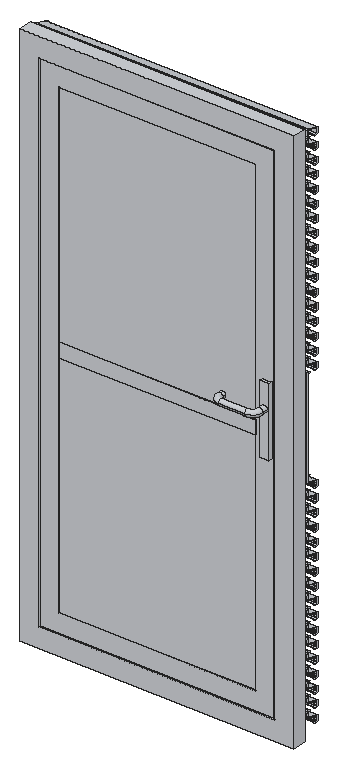
Revit family "NLRS_31_DO_WB_HJ44 enkele deur-AV_jazo_jazo", category Doors, host Wall, Revit 2020 (continued)
Definition of nested family "NLRS_31_GM_UN_HJ44 schoep-AV"
  Automatic sketch dimensions
    Extrusion 1 sketch curve to Extrusion 1 sketch curve = 0.005 mm
    Extrusion 1 sketch curve to plane 4 "Top" = 0.034 mm
    Extrusion 1 sketch curve to Extrusion 1 sketch curve = 1.171 mm
    Extrusion 1 sketch curve to Extrusion 1 sketch curve = 0.902 mm  (x2)
    Extrusion 1 sketch curve to Extrusion 1 sketch curve = 1.8 mm  (x3)
    Extrusion 1 sketch curve to Extrusion 1 sketch curve = 3.2 mm  (x2)
    Extrusion 1 sketch curve to Extrusion 1 sketch curve = 9.31 mm
    Extrusion 1 sketch curve to Extrusion 1 sketch curve = 5.649 mm
    Extrusion 1 sketch curve to Extrusion 1 sketch curve = 1.865 mm
    Extrusion 1 sketch curve to Extrusion 1 sketch curve = 0.553 mm
    Extrusion 1 sketch curve to Extrusion 1 sketch curve = 0.79 mm
    Extrusion 1 sketch curve to Extrusion 1 sketch curve = 19.431 mm
    Extrusion 1 sketch curve to Extrusion 1 sketch curve = 0.614 mm  (x2)
    Extrusion 1 sketch curve to Extrusion 1 sketch curve = 7.719 mm
    Extrusion 1 sketch curve to Extrusion 1 sketch curve = 0.9 mm
    Extrusion 1 sketch curve to Extrusion 1 sketch curve = 0.869 mm
Definition of nested family "NLRS_31_GM_UN_HJ44 scharnier schoep-AV"
  Parameters (values of type "HJ44 scharnier schoep")
    URL = "www.jazo.com"
    NLRS_C_zichtbaar_01 = yes
    NLRS_C_stelruimte_01 = 4 mm  # constant formula
    NLRS_C_materiaal = none
    NLRS_C_breedte_01 = 40 mm  # constant formula
    NLRS_C_breedte [instance] = 1000 mm
    Model = ""
    Manufacturer = "JAZO Zevenaar bv"
    Description = "HJ44 scharnier schoep"
    Default Elevation = 0 mm
    Assembly Code = "23.30.60.11.17.11"
  Reference planes
    plane 1 "Center (Front/Back)": y = 0
    plane 2 "Bottom": z = 0
    plane 3 "Center (Left/Right)": x = 0
    plane 4 "Top": z = 56.635
    plane 5 "Left": x = -500
    plane 6 "Right": x = 500
    plane 7 "schoep l": x = -496
    plane 8 "schoep r": x = 496
    plane 9 "scharnier": x = -456
    plane 10 "achterkant schoep": y = -25
    plane 11 "voorkant schoep": y = 25
    plane 12 "voorkant kozijn": y = -36
  Forms (mm)
    Extrusion 1, solid, material <- "NLRS_C_materiaal", visible <- "NLRS_C_zichtbaar_01"
      sketch origin (0, -15, -5.781) x (0, -1, 0) y (0, 0, -1)
        loop
          arc (-30.663, -7.55) -> (-30.027, -6.448) -> (-31.129, -5.812) r 0.9
          line (-31.129, -5.812) -> (-39.259, -7.99)
          arc (-39.259, -7.99) -> (-39.793, -8.347) -> (-40, -8.956) r 1
          line (-40, -8.956) -> (-40, -27.421)
          arc (-40, -27.421) -> (-39.793, -28.03) -> (-39.259, -28.387) r 1
          line (-39.259, -28.387) -> (3.2, -39.764) -> (3.2, -59.722)
          arc (3.2, -59.722) -> (3.004, -60.119) -> (2.571, -60.205) r 0.5
          line (2.571, -60.205) -> (-2.671, -58.801)
          arc (-2.671, -58.801) -> (-3.773, -59.437) -> (-3.137, -60.54) r 0.9
          line (-3.137, -60.54) -> (3.741, -62.382)
          arc (3.741, -62.382) -> (4.609, -62.21) -> (5, -61.417) r 1
          line (5, -61.417) -> (5, -50.413) -> (10, -50.413) -> (10, -45.413) -> (8.2, -45.413) -> (8.2, -48.613) -> (5, -48.613) -> (5, -37.109)
          arc (5, -37.109) -> (4.098, -36.413) -> (3.195, -37.109) r 0.933
          line (3.195, -37.109) -> (3.195, -37.899) -> (-38.2, -26.807) -> (-38.2, -19.089) -> (-36.2, -19.089)
          arc (-36.2, -19.089) -> (-35.3, -18.189) -> (-36.2, -17.289) r 0.9
          line (-36.2, -17.289) -> (-38.2, -17.289) -> (-38.2, -9.57) -> (-30.663, -7.55)
      from -456 to 496
  Dimensions and locks
    equal spacing: plane 5 "Left", plane 3 "Center (Left/Right)", plane 6 "Right"
    "NLRS_C_breedte": plane 5 "Left" to plane 6 "Right"
    "NLRS_C_breedte_01": plane 7 "schoep l" to plane 9 "scharnier"
    "NLRS_C_stelruimte_01": plane 8 "schoep r" to plane 6 "Right"
    "NLRS_C_stelruimte_01": plane 5 "Left" to plane 7 "schoep l"
    locked: plane 10 "achterkant schoep" to plane 12 "voorkant kozijn" at 11
    aligned and locked: level to plane 2 "Bottom"
    aligned and locked: plane 8 "schoep r" to Extrusion 1
    aligned and locked: Extrusion 1 to plane 9 "scharnier"
  Automatic sketch dimensions
    Extrusion 1 sketch curve to plane 1 "Center (Front/Back)" = 25 mm
    Extrusion 1 sketch curve to Extrusion 1 sketch curve = 0.741 mm  (x2)
    level to Extrusion 1 sketch curve = 2.209 mm
    Extrusion 1 sketch curve to Extrusion 1 sketch curve = 1 mm
    Extrusion 1 sketch curve to Extrusion 1 sketch curve = 0.259 mm  (x2)
    Extrusion 1 sketch curve to Extrusion 1 sketch curve = 0.8 mm  (x2)
    Extrusion 1 sketch curve to Extrusion 1 sketch curve = 2 mm
    Extrusion 1 sketch curve to Extrusion 1 sketch curve = 7.071 mm
    Extrusion 1 sketch curve to Extrusion 1 sketch curve = 0.233 mm  (x4)
    level to Extrusion 1 sketch curve = 1.769 mm
    Extrusion 1 sketch curve to plane 4 "Top" = 1.877 mm
    plane 1 "Center (Front/Back)" to Extrusion 1 sketch curve = 11.863 mm
    Extrusion 1 sketch curve to plane 4 "Top" = 3.615 mm
    Extrusion 1 sketch curve to plane 4 "Top" = 2.211 mm
    Extrusion 1 sketch curve to Extrusion 1 sketch curve = 5.241 mm
    Extrusion 1 sketch curve to Extrusion 1 sketch curve = 0.129 mm
    plane 1 "Center (Front/Back)" to Extrusion 1 sketch curve = 18.195 mm
    Extrusion 1 sketch curve to Extrusion 1 sketch curve = 0.005 mm
    Extrusion 1 sketch curve to plane 4 "Top" = 0.034 mm
    Extrusion 1 sketch curve to Extrusion 1 sketch curve = 1.171 mm
    Extrusion 1 sketch curve to Extrusion 1 sketch curve = 0.902 mm  (x2)
    Extrusion 1 sketch curve to Extrusion 1 sketch curve = 1.8 mm  (x3)
    Extrusion 1 sketch curve to Extrusion 1 sketch curve = 3.2 mm  (x2)
    Extrusion 1 sketch curve to Extrusion 1 sketch curve = 9.31 mm
    Extrusion 1 sketch curve to Extrusion 1 sketch curve = 5.649 mm
    Extrusion 1 sketch curve to Extrusion 1 sketch curve = 1.865 mm
    Extrusion 1 sketch curve to Extrusion 1 sketch curve = 0.553 mm
    Extrusion 1 sketch curve to Extrusion 1 sketch curve = 0.79 mm
    Extrusion 1 sketch curve to Extrusion 1 sketch curve = 19.431 mm
    Extrusion 1 sketch curve to Extrusion 1 sketch curve = 0.614 mm  (x2)
    Extrusion 1 sketch curve to Extrusion 1 sketch curve = 7.719 mm
    Extrusion 1 sketch curve to Extrusion 1 sketch curve = 0.9 mm
    Extrusion 1 sketch curve to Extrusion 1 sketch curve = 0.869 mm
Definition of nested family "NLRS_31_GM_UN_HJ44 beslag schoep-AV"
  Parameters (values of type "HJ44 beslag schoep")
    URL = "www.jazo.com"
    NLRS_C_zichtbaar_01 = yes
    NLRS_C_stelruimte_01 = 4 mm  # constant formula
    NLRS_C_materiaal = none
    NLRS_C_breedte_01 = 275 mm  # constant formula
    NLRS_C_breedte [instance] = 1000 mm
    Model = ""
    Manufacturer = "JAZO Zevenaar bv"
    Description = "HJ44 beslag schoep"
    Default Elevation = 0 mm
    Assembly Code = "23.30.60.11.17.11"
  Reference planes
    plane 1 "Center (Front/Back)": y = 0
    plane 2 "Bottom": z = 0
    plane 3 "Center (Left/Right)": x = 0
    plane 4 "Top": z = 56.635
    plane 5 "Left": x = -500
    plane 6 "Right": x = 500
    plane 7 "schoep l": x = -496
    plane 8 "schoep r": x = 496
    plane 9 "beslag": x = 221
    plane 10 "achterkant schoep": y = -25
    plane 11 "voorkant schoep": y = 25
    plane 12 "voorkant kozijn": y = -36
  Forms (mm)
    Extrusion 1, solid, material <- "NLRS_C_materiaal", visible <- "NLRS_C_zichtbaar_01"
      sketch origin (0, -15, -5.781) x (0, -1, 0) y (0, 0, -1)
        loop
          arc (-30.663, -7.55) -> (-30.027, -6.448) -> (-31.129, -5.812) r 0.9
          line (-31.129, -5.812) -> (-39.259, -7.99)
          arc (-39.259, -7.99) -> (-39.793, -8.347) -> (-40, -8.956) r 1
          line (-40, -8.956) -> (-40, -27.421)
          arc (-40, -27.421) -> (-39.793, -28.03) -> (-39.259, -28.387) r 1
          line (-39.259, -28.387) -> (3.2, -39.764) -> (3.2, -59.722)
          arc (3.2, -59.722) -> (3.004, -60.119) -> (2.571, -60.205) r 0.5
          line (2.571, -60.205) -> (-2.671, -58.801)
          arc (-2.671, -58.801) -> (-3.773, -59.437) -> (-3.137, -60.54) r 0.9
          line (-3.137, -60.54) -> (3.741, -62.382)
          arc (3.741, -62.382) -> (4.609, -62.21) -> (5, -61.417) r 1
          line (5, -61.417) -> (5, -50.413) -> (10, -50.413) -> (10, -45.413) -> (8.2, -45.413) -> (8.2, -48.613) -> (5, -48.613) -> (5, -37.109)
          arc (5, -37.109) -> (4.098, -36.413) -> (3.195, -37.109) r 0.933
          line (3.195, -37.109) -> (3.195, -37.899) -> (-38.2, -26.807) -> (-38.2, -19.089) -> (-36.2, -19.089)
          arc (-36.2, -19.089) -> (-35.3, -18.189) -> (-36.2, -17.289) r 0.9
          line (-36.2, -17.289) -> (-38.2, -17.289) -> (-38.2, -9.57) -> (-30.663, -7.55)
      from -496 to 221
  Dimensions and locks
    equal spacing: plane 5 "Left", plane 3 "Center (Left/Right)", plane 6 "Right"
    "NLRS_C_breedte": plane 5 "Left" to plane 6 "Right"
    "NLRS_C_breedte_01": plane 9 "beslag" to plane 8 "schoep r"
    "NLRS_C_stelruimte_01": plane 8 "schoep r" to plane 6 "Right"
    "NLRS_C_stelruimte_01": plane 5 "Left" to plane 7 "schoep l"
    locked: plane 10 "achterkant schoep" to plane 12 "voorkant kozijn" at 11
    aligned and locked: level to plane 2 "Bottom"
    aligned and locked: Extrusion 1 to plane 7 "schoep l"
    aligned and locked: plane 9 "beslag" to Extrusion 1
  Automatic sketch dimensions
    Extrusion 1 sketch curve to plane 1 "Center (Front/Back)" = 25 mm
    Extrusion 1 sketch curve to Extrusion 1 sketch curve = 0.741 mm  (x2)
    level to Extrusion 1 sketch curve = 2.209 mm
    Extrusion 1 sketch curve to Extrusion 1 sketch curve = 1 mm
    Extrusion 1 sketch curve to Extrusion 1 sketch curve = 0.259 mm  (x2)
    Extrusion 1 sketch curve to Extrusion 1 sketch curve = 0.8 mm  (x2)
    Extrusion 1 sketch curve to Extrusion 1 sketch curve = 2 mm
    Extrusion 1 sketch curve to Extrusion 1 sketch curve = 7.071 mm
    Extrusion 1 sketch curve to Extrusion 1 sketch curve = 0.233 mm  (x4)
    level to Extrusion 1 sketch curve = 1.769 mm
    Extrusion 1 sketch curve to plane 4 "Top" = 1.877 mm
    plane 1 "Center (Front/Back)" to Extrusion 1 sketch curve = 11.863 mm
    Extrusion 1 sketch curve to plane 4 "Top" = 3.615 mm
    Extrusion 1 sketch curve to plane 4 "Top" = 2.211 mm
    Extrusion 1 sketch curve to Extrusion 1 sketch curve = 5.241 mm
    Extrusion 1 sketch curve to Extrusion 1 sketch curve = 0.129 mm
    plane 1 "Center (Front/Back)" to Extrusion 1 sketch curve = 18.195 mm
    Extrusion 1 sketch curve to Extrusion 1 sketch curve = 0.005 mm
    Extrusion 1 sketch curve to plane 4 "Top" = 0.034 mm
    Extrusion 1 sketch curve to Extrusion 1 sketch curve = 1.171 mm
    Extrusion 1 sketch curve to Extrusion 1 sketch curve = 0.902 mm  (x2)
    Extrusion 1 sketch curve to Extrusion 1 sketch curve = 1.8 mm  (x3)
    Extrusion 1 sketch curve to Extrusion 1 sketch curve = 3.2 mm  (x2)
    Extrusion 1 sketch curve to Extrusion 1 sketch curve = 9.31 mm
    Extrusion 1 sketch curve to Extrusion 1 sketch curve = 5.649 mm
    Extrusion 1 sketch curve to Extrusion 1 sketch curve = 1.865 mm
    Extrusion 1 sketch curve to Extrusion 1 sketch curve = 0.553 mm
    Extrusion 1 sketch curve to Extrusion 1 sketch curve = 0.79 mm
    Extrusion 1 sketch curve to Extrusion 1 sketch curve = 19.431 mm
    Extrusion 1 sketch curve to Extrusion 1 sketch curve = 0.614 mm  (x2)
    Extrusion 1 sketch curve to Extrusion 1 sketch curve = 7.719 mm
    Extrusion 1 sketch curve to Extrusion 1 sketch curve = 0.9 mm
    Extrusion 1 sketch curve to Extrusion 1 sketch curve = 0.869 mm
Definition of nested family "NLRS_31_GM_UN_beslagbak HJ44-AV"
  Parameters (values of type "beslagbak HJ44")
    URL = "www.jazo.com"
    NLRS_C_diepte_01 = 50 mm
    NLRS_C_afstand = if(JAZO_C_enkele deur, 95 mm, if(JAZO_C_dubbele deur, 48 mm, 48 mm))  # 95 mm
    Model = ""
    Manufacturer = "JAZO Zevenaar bv"
    JAZO_C_opbouwrooster HJ44 = yes
    JAZO_C_materiaal schoep = none
    JAZO_C_materiaal beslag = none
    JAZO_C_enkele deur = yes
    JAZO_C_dubbele deur = no
    Description = "beslagbak HJ44"
    Default Elevation = 0 mm
    Assembly Code = "23.30.40.31"
  Reference planes
    plane 1 "Center (Front/Back)": y = 0
    plane 2 "Bottom": z = 0
    plane 3 "Center (Left/Right)": x = 0
    plane 4 "Tussen": x = -179.999
    plane 5 "Right": x = 95
    plane 6 "Left": x = -240
    plane 7 "center hs27r": z = 220
    plane 8 "center hs42r": z = 280
    plane 9 "center hs50r": z = 310
    plane 10 "knop-kruk": x = 0
    plane 11 "stelruimte belsagbak": x = 99
    plane 12 "voorkant kozijn": y = -11
  Dimensions and locks
    plane 4 "Tussen" to plane 3 "Center (Left/Right)" = 179.999 mm
    plane 3 "Center (Left/Right)" to plane 5 "Right" = 95 mm
    plane 4 "Tussen" to plane 5 "Right" = 274.999 mm
    plane 6 "Left" to plane 4 "Tussen" = 60.001 mm
    "NLRS_C_afstand": plane 5 "Right" to plane 10 "knop-kruk"
    locked: plane 5 "Right" to plane 11 "stelruimte belsagbak" at 4
    locked: plane 12 "voorkant kozijn" to plane 1 "Center (Front/Back)" at 11
    aligned and locked: level to plane 2 "Bottom"
    aligned and locked: plane 8 "center hs42r" to nested 1
    aligned and locked: plane 10 "knop-kruk" to nested 1
    aligned and locked: plane 1 "Center (Front/Back)" to nested 2
    aligned and locked: plane 5 "Right" to nested 2
  Nested families
    nested 1: "NLRS_31_GM_UN_beslag opbouwrooster-AV" at (0, -11, 117), visible <- "JAZO_C_opbouwrooster HJ44", type "beslag opbouwrooster"
    nested 2: "NLRS_31_GM_UN_beslagbak los HJ44-AV" at (0, 0, 0), type "beslagbak HJ44"
  Definition of nested family "NLRS_31_GM_UN_beslag opbouwrooster-AV"
    Parameters (values of type "beslag opbouwrooster")
      URL = "www.jazo.com"
      NLRS_C_materiaal = none
      NLRS_C_diepte_01 = 50 mm
      Model = ""
      Manufacturer = "Jazo Zevenaar bv"
      Description = "Beslag opbouwrooster"
      Default Elevation = 0 mm
      Assembly Code = "23.30.40.31"
    Reference planes
      plane 1 "Center (Front/Back)": y = 0
      plane 2 "Bottom": z = 0
      plane 3 "Center (Left/Right)": x = 0
      plane 4 "kruk": z = 163
      plane 5 "cilinder": z = 71.5
      plane 6 "achterkant kozijn": y = -50
      plane 7 "start beslag": y = 15
    Forms (mm)
      Extrusion 1, solid, material <- "NLRS_C_materiaal"
        sketch origin (0, 37, 0) x (1, 0, 0) y (0, 1, 0)
          loop
            line (-16, -10) -> (-16, -22) -> (16, -22) -> (16, -10) -> (-16, -10)
        from 0 to 251
      Extrusion 2, solid, material <- "NLRS_C_materiaal"
        sketch origin (0, 0, 0) x (1, 0, 0) y (0, 0, -1)
          loop
            circle (0, -163) r 11
        from 27 to 57
      Extrusion 3, solid, material <- "NLRS_C_materiaal"
        sketch origin (0, 0, 0) x (1, 0, 0) y (0, 0, -1)
          loop
            circle (0, -163) r 25
        from 57 to 73
      Sweep 4, solid, material <- "NLRS_C_materiaal"
        path origin (0, -4, 0) x (1, 0, 0) y (0, 1, 0)
          loop
            line (0, -58) -> (0, -80)
            arc (0, -80) -> (-7.249, -97.5) -> (-24.749, -104.749) r 24.749
            line (-24.749, -104.749) -> (-120.749, -104.749)
            arc (-120.749, -104.749) -> (-138.249, -97.5) -> (-145.497, -80) r 24.749
            line (-145.497, -80) -> (-145.497, -69)
        profile origin (0, -73, 0) x (1, 0, 0) y (0, 0, 1)
          loop
            circle (0, 163) r 11
      Extrusion 5, solid, material <- "NLRS_C_materiaal"
        sketch origin (0, -37, 0) x (1, 0, 0) y (0, 1, 0)
          loop
            line (-16, -25) -> (16, -25) -> (16, -13) -> (-16, -13) -> (-16, -25)
        from 0 to 251
    Dimensions and locks
      locked: plane 4 "kruk" to plane 2 "Bottom" at 163
      locked: plane 5 "cilinder" to plane 2 "Bottom" at 71.5
      locked: plane 7 "start beslag" to Extrusion 2 at 12
      locked: plane 7 "start beslag" to Extrusion 3 at 42
      locked: Extrusion 3 to plane 7 "start beslag" at 58
      locked: plane 1 "Center (Front/Back)" to plane 7 "start beslag" at 15
      "NLRS_C_diepte_01": plane 6 "achterkant kozijn" to plane 1 "Center (Front/Back)"
      aligned and locked: level to plane 2 "Bottom"
      aligned and locked: Extrusion 1 to plane 7 "start beslag"
      aligned and locked: Extrusion 2 to Extrusion 3
      aligned and locked: Extrusion 2 to Extrusion 1
    Automatic sketch dimensions
      Extrusion 1 sketch curve to plane 7 "start beslag" = 0 mm
      Extrusion 1 sketch curve to plane 3 "Center (Left/Right)" = 16 mm
      plane 3 "Center (Left/Right)" to Extrusion 1 sketch curve = 16 mm
      plane 7 "start beslag" to Extrusion 1 sketch curve = 12 mm
      Extrusion 2 sketch curve to plane 3 "Center (Left/Right)" = 0 mm
      Extrusion 2 sketch curve to plane 4 "kruk" = 0 mm
      Extrusion 3 sketch curve to plane 3 "Center (Left/Right)" = 0 mm
      Extrusion 3 sketch curve to plane 4 "kruk" = 0 mm
      Sweep 4 sketch curve to plane 3 "Center (Left/Right)" = 0 mm
      Sweep 4 sketch curve to plane 3 "Center (Left/Right)" = 24.749 mm
      Sweep 4 sketch curve to plane 6 "achterkant kozijn" = 58.749 mm
      Sweep 4 sketch curve to Sweep 4 sketch curve = 96 mm
      Sweep 4 sketch curve to Sweep 4 sketch curve = 24.749 mm
      Sweep 4 sketch curve to Sweep 4 sketch curve = 11 mm
      Sweep 4 sketch curve to plane 6 "achterkant kozijn" = 12 mm
      profile plane to Sweep 4 sketch curve = 0 mm
      profile plane to Sweep 4 sketch curve = 163 mm
      Extrusion 5 sketch curve to plane 6 "achterkant kozijn" = 0 mm
      Extrusion 5 sketch curve to plane 3 "Center (Left/Right)" = 16 mm
      plane 3 "Center (Left/Right)" to Extrusion 5 sketch curve = 16 mm
      Extrusion 5 sketch curve to Extrusion 5 sketch curve = 12 mm
      radius of Extrusion 2 sketch curve = 11 mm
      radius of Extrusion 3 sketch curve = 25 mm
      radius of Sweep 4 sketch curve = 11 mm
  Definition of nested family "NLRS_31_GM_UN_beslagbak los HJ44-AV"
    Parameters (values of type "beslagbak HJ44")
      URL = "www.jazo.com"
      NLRS_C_materiaal = none
      Model = ""
      Manufacturer = "JAZO Zevenaar bv"
      Description = "Beslagbak HJ44"
      Default Elevation = 0 mm
      Assembly Code = "23.30.4031"
    Reference planes
      plane 1 "Center (Front/Back)": y = 0
      plane 2 "Bottom": z = 0
      plane 3 "Center (Left/Right)": x = 0
      plane 4 "Tussen": x = -180
      plane 5 "Right": x = 95
      plane 6 "Left": x = -240
      plane 7 "mid": x = -212
    Forms (mm)
      Extrusion 1, solid, material <- "NLRS_C_materiaal"
        sketch origin (0, 0, 67.049) x (0, 1, 0) y (0, 0, 1)
          loop
            line (1.8, 332.52) -> (1.8, -27.789) -> (48.2, -40.222) -> (48.2, -47.941) -> (46.2, -47.941)
            arc (46.2, -47.941) -> (45.3, -48.841) -> (46.2, -49.741) r 0.9
            line (46.2, -49.741) -> (48.2, -49.741) -> (48.2, -57.46) -> (40.663, -59.479)
            arc (40.663, -59.479) -> (40.027, -60.582) -> (41.129, -61.218) r 0.9
            line (41.129, -61.218) -> (49.259, -59.04)
            arc (49.259, -59.04) -> (49.793, -58.683) -> (50, -58.074) r 1
            line (50, -58.074) -> (50, -39.608)
            arc (50, -39.608) -> (49.793, -39) -> (49.259, -38.643) r 1
            line (49.259, -38.643) -> (4, -26.515) -> (4, 330.067) -> (12.671, 327.743)
            arc (12.671, 327.743) -> (13.773, 328.38) -> (13.137, 329.482) r 0.9
            line (13.137, 329.482) -> (1.8, 332.52)
        from 95 to -180
      Extrusion 2, solid, material <- "NLRS_C_materiaal"
        sketch origin (0, 1.8, 0) x (1, 0, 0) y (0, 1, 0)
          loop
            line (-240, 0) -> (-240, -9)
            arc (-240, -9) -> (-239.414, -10.414) -> (-238, -11) r 2
            line (-238, -11) -> (-212, -11)
            arc (-212, -11) -> (-210.586, -10.414) -> (-210, -9) r 2
            line (-210, -9) -> (-210, -2.014)
            arc (-210, -2.014) -> (-209.41, -0.59) -> (-207.986, 0) r 2.014
            line (-207.986, 0) -> (-180, 0) -> (-180, 2.2) -> (-207.786, 2.2)
            arc (-207.786, 2.2) -> (-210.766, 0.966) -> (-212, -2.014) r 4.214
            line (-212, -2.014) -> (-212, -9) -> (-238, -9) -> (-238, 0) -> (-240, 0)
        from 397.116 to 39.26
      Extrusion 3, void
        sketch origin (0, 0, 0) x (0, 1, 0) y (0, 0, 1)
          loop
            line (-0.5, 386.932) -> (-0.5, 380.932) -> (1.8, 380.932) -> (1.8, 384.132) -> (5, 384.132) -> (5, 386.932) -> (-0.5, 386.932)
        from -180 to -240.5
      Extrusion 4, void
        sketch origin (0, 0, -48) x (0, 1, 0) y (0, 0, 1)
          loop
            line (-0.5, 386.932) -> (-0.5, 380.932) -> (1.8, 380.932) -> (1.8, 384.132) -> (5, 384.132) -> (5, 386.932) -> (-0.5, 386.932)
        from -180 to -240.5
      Extrusion 5, void
        sketch origin (0, 0, -96) x (0, 1, 0) y (0, 0, 1)
          loop
            line (-0.5, 386.932) -> (-0.5, 380.932) -> (1.8, 380.932) -> (1.8, 384.132) -> (5, 384.132) -> (5, 386.932) -> (-0.5, 386.932)
        from -180 to -240.5
      Extrusion 6, void
        sketch origin (0, 0, -144) x (0, 1, 0) y (0, 0, 1)
          loop
            line (-0.5, 386.932) -> (-0.5, 380.932) -> (1.8, 380.932) -> (1.8, 384.132) -> (5, 384.132) -> (5, 386.932) -> (-0.5, 386.932)
        from -180 to -240.5
      Extrusion 7, void
        sketch origin (0, 0, -192) x (0, 1, 0) y (0, 0, 1)
          loop
            line (-0.5, 386.932) -> (-0.5, 380.932) -> (1.8, 380.932) -> (1.8, 384.132) -> (5, 384.132) -> (5, 386.932) -> (-0.5, 386.932)
        from -180 to -240.5
      Extrusion 8, void
        sketch origin (0, 0, -240) x (0, 1, 0) y (0, 0, 1)
          loop
            line (-0.5, 386.932) -> (-0.5, 380.932) -> (1.8, 380.932) -> (1.8, 384.132) -> (5, 384.132) -> (5, 386.932) -> (-0.5, 386.932)
        from -180 to -240.5
      Extrusion 9, void
        sketch origin (0, 0, -288) x (0, 1, 0) y (0, 0, 1)
          loop
            line (-0.5, 386.932) -> (-0.5, 380.932) -> (1.8, 380.932) -> (1.8, 384.132) -> (5, 384.132) -> (5, 386.932) -> (-0.5, 386.932)
        from -180 to -240.5
      Extrusion 10, void
        sketch origin (0, 0, -336) x (0, 1, 0) y (0, 0, 1)
          loop
            line (-0.5, 386.932) -> (-0.5, 380.932) -> (1.8, 380.932) -> (1.8, 384.132) -> (5, 384.132) -> (5, 386.932) -> (-0.5, 386.932)
        from -180 to -240.5
      Extrusion 11, solid, material <- "NLRS_C_materiaal"
        sketch origin (-333, 0, 67.049) x (0, 1, 0) y (0, 0, 1)
          loop
            line (1.8, 317.083) -> (1.8, 269.083) -> (1.8, 221.083) -> (1.8, 173.083) -> (1.8, 125.083) -> (1.8, 77.083) -> (1.8, 29.083) -> (1.8, -16.117) -> (1.8, -27.789) -> (4.5, -28.513) -> (4.5, -16.117) -> (4.5, -5.613)
            arc (4.5, -5.613) -> (5.087, -4.423) -> (6.388, -4.164) r 1.5
            line (6.388, -4.164) -> (39.711, -13.093)
            arc (39.711, -13.093) -> (39.593, -11.837) -> (40.534, -10.996) r 1.4
            line (40.534, -10.996) -> (47.7, -9.076) -> (47.7, -2.241) -> (46.2, -2.241)
            arc (46.2, -2.241) -> (44.8, -0.841) -> (46.2, 0.559) r 1.4
            line (46.2, 0.559) -> (47.7, 0.559) -> (47.7, 7.394) -> (7.332, 18.211)
            arc (7.332, 18.211) -> (5.998, 16.887) -> (4.5, 18.022) r 1.433
            line (4.5, 18.022) -> (4.5, 31.883) -> (4.5, 42.387)
            arc (4.5, 42.387) -> (5.087, 43.577) -> (6.388, 43.836) r 1.5
            line (6.388, 43.836) -> (39.711, 34.907)
            arc (39.711, 34.907) -> (39.593, 36.163) -> (40.534, 37.004) r 1.4
            line (40.534, 37.004) -> (47.7, 38.924) -> (47.7, 45.759) -> (46.2, 45.759)
            arc (46.2, 45.759) -> (44.8, 47.159) -> (46.2, 48.559) r 1.4
            line (46.2, 48.559) -> (47.7, 48.559) -> (47.7, 55.394) -> (7.332, 66.211)
            arc (7.332, 66.211) -> (5.998, 64.887) -> (4.5, 66.022) r 1.433
            line (4.5, 66.022) -> (4.5, 79.883) -> (4.5, 90.387)
            arc (4.5, 90.387) -> (5.087, 91.577) -> (6.388, 91.836) r 1.5
            line (6.388, 91.836) -> (39.711, 82.907)
            arc (39.711, 82.907) -> (39.593, 84.163) -> (40.534, 85.004) r 1.4
            line (40.534, 85.004) -> (47.7, 86.924) -> (47.7, 93.759) -> (46.2, 93.759)
            arc (46.2, 93.759) -> (44.8, 95.159) -> (46.2, 96.559) r 1.4
            line (46.2, 96.559) -> (47.7, 96.559) -> (47.7, 103.394) -> (7.332, 114.211)
            arc (7.332, 114.211) -> (5.998, 112.887) -> (4.5, 114.022) r 1.433
            line (4.5, 114.022) -> (4.5, 127.883) -> (4.5, 138.387)
            arc (4.5, 138.387) -> (5.087, 139.577) -> (6.388, 139.836) r 1.5
            line (6.388, 139.836) -> (39.711, 130.907)
            arc (39.711, 130.907) -> (39.593, 132.163) -> (40.534, 133.004) r 1.4
            line (40.534, 133.004) -> (47.7, 134.924) -> (47.7, 141.759) -> (46.2, 141.759)
            arc (46.2, 141.759) -> (44.8, 143.159) -> (46.2, 144.559) r 1.4
            line (46.2, 144.559) -> (47.7, 144.559) -> (47.7, 151.394) -> (7.332, 162.211)
            arc (7.332, 162.211) -> (5.998, 160.887) -> (4.5, 162.022) r 1.433
            line (4.5, 162.022) -> (4.5, 173.083) -> (4.5, 186.387)
            arc (4.5, 186.387) -> (5.087, 187.577) -> (6.388, 187.836) r 1.5
            line (6.388, 187.836) -> (39.711, 178.907)
            arc (39.711, 178.907) -> (39.593, 180.163) -> (40.534, 181.004) r 1.4
            line (40.534, 181.004) -> (47.7, 182.924) -> (47.7, 189.759) -> (46.2, 189.759)
            arc (46.2, 189.759) -> (44.8, 191.159) -> (46.2, 192.559) r 1.4
            line (46.2, 192.559) -> (47.7, 192.559) -> (47.7, 199.394) -> (7.332, 210.211)
            arc (7.332, 210.211) -> (5.998, 208.887) -> (4.5, 210.022) r 1.433
            line (4.5, 210.022) -> (4.5, 223.883) -> (4.5, 234.387)
            arc (4.5, 234.387) -> (5.087, 235.577) -> (6.388, 235.836) r 1.5
            line (6.388, 235.836) -> (39.711, 226.907)
            arc (39.711, 226.907) -> (39.593, 228.163) -> (40.534, 229.004) r 1.4
            line (40.534, 229.004) -> (47.7, 230.924) -> (47.7, 237.759) -> (46.2, 237.759)
            arc (46.2, 237.759) -> (44.8, 239.159) -> (46.2, 240.559) r 1.4
            line (46.2, 240.559) -> (47.7, 240.559) -> (47.7, 247.394) -> (7.332, 258.211)
            arc (7.332, 258.211) -> (5.998, 256.887) -> (4.5, 258.022) r 1.433
            line (4.5, 258.022) -> (4.5, 282.387)
            arc (4.5, 282.387) -> (5.087, 283.577) -> (6.388, 283.836) r 1.5
            line (6.388, 283.836) -> (39.711, 274.907)
            arc (39.711, 274.907) -> (39.593, 276.163) -> (40.534, 277.004) r 1.4
            line (40.534, 277.004) -> (47.7, 278.924) -> (47.7, 285.759) -> (46.2, 285.759)
            arc (46.2, 285.759) -> (44.8, 287.159) -> (46.2, 288.559) r 1.4
            line (46.2, 288.559) -> (47.7, 288.559) -> (47.7, 295.394) -> (7.332, 306.211)
            arc (7.332, 306.211) -> (5.998, 304.887) -> (4.5, 306.022) r 1.433
            line (4.5, 306.022) -> (4.5, 317.083) -> (1.8, 317.083)
        from 95 to 93
    Cuts and joins
      Extrusion 3, Extrusion 4, Extrusion 5, Extrusion 6, Extrusion 7, Extrusion 8, Extrusion 9, Extrusion 10 cuts Extrusion 1
      Extrusion 3, Extrusion 4, Extrusion 5, Extrusion 6, Extrusion 7, Extrusion 8, Extrusion 9, Extrusion 10 cuts Extrusion 2
      Extrusion 3 cuts Extrusion 11
      joined: Extrusion 1, Extrusion 2, Extrusion 11
    Dimensions and locks
      plane 4 "Tussen" to plane 3 "Center (Left/Right)" = 180 mm
      plane 3 "Center (Left/Right)" to plane 5 "Right" = 95 mm
      plane 4 "Tussen" to plane 5 "Right" = 275 mm
      plane 6 "Left" to plane 4 "Tussen" = 60 mm
      locked: plane 7 "mid" to plane 4 "Tussen" at 32
      equal spacing: group 1, group 2, group 3, group 4, group 5, group 6, group 7, group 8  (x2)
      equal spacing: group 8, group 7, group 6, group 5, group 4, group 3, group 2, group 1
      aligned and locked: level to plane 2 "Bottom"
      aligned and locked: Extrusion 1 to plane 5 "Right"
      aligned and locked: Extrusion 1 to plane 4 "Tussen"
    Automatic sketch dimensions
      Extrusion 3 sketch curve to Extrusion 3 sketch curve = 3.2 mm  (x2)
      Extrusion 3 sketch curve to Extrusion 3 sketch curve = 2.8 mm
      Extrusion 3 sketch curve to Extrusion 3 sketch curve = 2.3 mm
      Extrusion 4 sketch curve to Extrusion 4 sketch curve = 3.2 mm  (x2)
      Extrusion 4 sketch curve to Extrusion 4 sketch curve = 2.8 mm
      Extrusion 4 sketch curve to Extrusion 4 sketch curve = 2.3 mm
      Extrusion 5 sketch curve to Extrusion 5 sketch curve = 3.2 mm  (x2)
      Extrusion 5 sketch curve to Extrusion 5 sketch curve = 2.8 mm
      Extrusion 5 sketch curve to Extrusion 5 sketch curve = 2.3 mm
      Extrusion 6 sketch curve to Extrusion 6 sketch curve = 3.2 mm  (x2)
      Extrusion 6 sketch curve to Extrusion 6 sketch curve = 2.8 mm
      Extrusion 6 sketch curve to Extrusion 6 sketch curve = 2.3 mm
      Extrusion 7 sketch curve to Extrusion 7 sketch curve = 3.2 mm  (x2)
      Extrusion 7 sketch curve to Extrusion 7 sketch curve = 2.8 mm
      Extrusion 7 sketch curve to Extrusion 7 sketch curve = 2.3 mm
      Extrusion 8 sketch curve to Extrusion 8 sketch curve = 3.2 mm  (x2)
      Extrusion 8 sketch curve to Extrusion 8 sketch curve = 2.8 mm
      Extrusion 8 sketch curve to Extrusion 8 sketch curve = 2.3 mm
      Extrusion 9 sketch curve to Extrusion 9 sketch curve = 3.2 mm  (x2)
      Extrusion 9 sketch curve to Extrusion 9 sketch curve = 2.8 mm
      Extrusion 9 sketch curve to Extrusion 9 sketch curve = 2.3 mm
      Extrusion 10 sketch curve to Extrusion 10 sketch curve = 3.2 mm  (x2)
      Extrusion 10 sketch curve to Extrusion 10 sketch curve = 2.8 mm
      Extrusion 10 sketch curve to Extrusion 10 sketch curve = 2.3 mm
      Extrusion 2 sketch curve to plane 6 "Left" = 0 mm
      Extrusion 2 sketch curve to plane 7 "mid" = 0 mm  (x2)
      Extrusion 2 sketch curve to plane 4 "Tussen" = 0 mm
      Extrusion 2 sketch curve to Extrusion 2 sketch curve = 2 mm  (x3)
      plane 1 "Center (Front/Back)" to Extrusion 2 sketch curve = 0.214 mm
      Extrusion 2 sketch curve to plane 1 "Center (Front/Back)" = 1.8 mm  (x2)
      Extrusion 2 sketch curve to Extrusion 2 sketch curve = 0.2 mm
      plane 1 "Center (Front/Back)" to Extrusion 2 sketch curve = 7.2 mm
      Extrusion 2 sketch curve to Extrusion 2 sketch curve = 0 mm  (x2)
      Extrusion 1 sketch curve to plane 1 "Center (Front/Back)" = 1.8 mm
      Extrusion 1 sketch curve to Extrusion 1 sketch curve = 2.2 mm
      Extrusion 1 sketch curve to Extrusion 1 sketch curve = 8.671 mm
      Extrusion 1 sketch curve to Extrusion 1 sketch curve = 0.233 mm  (x4)
      level to Extrusion 1 sketch curve = 7.57 mm
      Extrusion 1 sketch curve to plane 1 "Center (Front/Back)" = 40.663 mm
      level to Extrusion 1 sketch curve = 5.831 mm
      Extrusion 1 sketch curve to Extrusion 1 sketch curve = 5.537 mm
      Extrusion 1 sketch curve to Extrusion 1 sketch curve = 2 mm
      Extrusion 1 sketch curve to Extrusion 1 sketch curve = 0 mm
      Extrusion 1 sketch curve to Extrusion 1 sketch curve = 0.8 mm  (x2)
      level to Extrusion 1 sketch curve = 8.01 mm
      Extrusion 1 sketch curve to Extrusion 1 sketch curve = 0.259 mm  (x2)
      Extrusion 1 sketch curve to Extrusion 1 sketch curve = 1 mm
      Extrusion 1 sketch curve to Extrusion 1 sketch curve = 0.614 mm  (x2)
      Extrusion 1 sketch curve to Extrusion 1 sketch curve = 7.719 mm
      Extrusion 1 sketch curve to Extrusion 1 sketch curve = 0.9 mm
      Extrusion 1 sketch curve to Extrusion 1 sketch curve = 8.333 mm
      Extrusion 1 sketch curve to Extrusion 1 sketch curve = 1.274 mm
      Extrusion 1 sketch curve to Extrusion 1 sketch curve = 0.869 mm
      Extrusion 1 sketch curve to Extrusion 1 sketch curve = 2.323 mm
      Extrusion 1 sketch curve to Extrusion 1 sketch curve = 2.453 mm
      level to Extrusion 1 sketch curve = 39.26 mm
      Extrusion 1 sketch curve to Extrusion 1 sketch curve = 354.259 mm
      Extrusion 11 sketch curve to plane 1 "Center (Front/Back)" = 1.8 mm
      Extrusion 11 sketch curve to Extrusion 11 sketch curve = 2.7 mm  (x7)
      Extrusion 11 sketch curve to plane 1 "Center (Front/Back)" = 4.5 mm
      Extrusion 11 sketch curve to Extrusion 11 sketch curve = 1.402 mm  (x7)
      Extrusion 11 sketch curve to Extrusion 11 sketch curve = 1.5 mm  (x21)
      Extrusion 11 sketch curve to Extrusion 11 sketch curve = 0.388 mm  (x4)
      Extrusion 11 sketch curve to Extrusion 11 sketch curve = 1.429 mm  (x7)
      Extrusion 11 sketch curve to Extrusion 11 sketch curve = 33.322 mm  (x2)
      Extrusion 11 sketch curve to Extrusion 11 sketch curve = 0.823 mm  (x7)
      Extrusion 11 sketch curve to Extrusion 11 sketch curve = 1.186 mm  (x5)
      Extrusion 11 sketch curve to Extrusion 11 sketch curve = 0.362 mm  (x2)
      Extrusion 11 sketch curve to Extrusion 11 sketch curve = 5.666 mm  (x2)
      Extrusion 11 sketch curve to Extrusion 11 sketch curve = 0 mm  (x4)
      Extrusion 11 sketch curve to Extrusion 11 sketch curve = 1.352 mm
      Extrusion 11 sketch curve to Extrusion 11 sketch curve = 11.673 mm
      Extrusion 11 sketch curve to Extrusion 11 sketch curve = 0.723 mm
      Extrusion 11 sketch curve to Extrusion 11 sketch curve = 6.835 mm  (x14)
      Extrusion 11 sketch curve to Extrusion 11 sketch curve = 1.4 mm  (x7)
      Extrusion 11 sketch curve to Extrusion 11 sketch curve = 0.189 mm  (x7)
      Extrusion 11 sketch curve to Extrusion 11 sketch curve = 11.061 mm  (x7)
      Extrusion 11 sketch curve to Extrusion 11 sketch curve = 2.8 mm  (x4)
      Extrusion 11 sketch curve to Extrusion 11 sketch curve = 0.744 mm  (x6)
      Extrusion 11 sketch curve to Extrusion 11 sketch curve = 45.903 mm  (x2)
      Extrusion 11 sketch curve to Extrusion 11 sketch curve = 27.513 mm  (x2)
      Extrusion 11 sketch curve to Extrusion 11 sketch curve = 1.92 mm  (x7)
      Extrusion 11 sketch curve to Extrusion 11 sketch curve = 10.504 mm  (x5)
      Extrusion 11 sketch curve to Extrusion 11 sketch curve = 22.186 mm  (x5)
      Extrusion 11 sketch curve to Extrusion 11 sketch curve = 13.304 mm  (x2)
      Extrusion 11 sketch curve to Extrusion 11 sketch curve = 7.166 mm  (x3)
      Extrusion 11 sketch curve to Extrusion 11 sketch curve = 4.723 mm  (x4)
      Extrusion 11 sketch curve to Extrusion 11 sketch curve = 4.912 mm
      Extrusion 11 sketch curve to Extrusion 11 sketch curve = 23.635 mm  (x2)
      Extrusion 11 sketch curve to Extrusion 11 sketch curve = 6.489 mm  (x5)
      Extrusion 11 sketch curve to Extrusion 11 sketch curve = 7.041 mm
      level to Extrusion 11 sketch curve = 38.536 mm
Definition of nested family "NLRS_31_GM_UN_scharnier staal HS42R HJ44-AV"
  Parameters (values of type "scharnier staal HS42R HJ44")
    URL = "www.jazo.com"
    NLRS_C_zichtbaar_01 = yes
    NLRS_C_materiaal = none
    Model = ""
    Manufacturer = "JAZO Zevenaar bv"
    Description = "scharnier staal HS42R HJ44"
    Default Elevation = 0 mm
    Assembly Code = "23.30.40.24.11"
  Reference planes
    plane 1 "Center (Front/Back)": y = 0
    plane 2 "Bottom": z = 0
    plane 3 "Center (Left/Right)": x = 0
    plane 4 "voorkant kozijn": y = -54
    plane 5 "Left": x = -20
  Forms (mm)
    Extrusion 1, solid, material <- "NLRS_C_materiaal", visible <- "NLRS_C_zichtbaar_01"
      sketch origin (0, 0, 0) x (1, 0, 0) y (0, 1, 0)
        loop
          line (-4.5, 4.5) -> (-4.5, -4.5) -> (4.5, -4.5) -> (4.5, 4.5) -> (-4.5, 4.5)
      from 159 to 171
    Extrusion 2, solid, material <- "NLRS_C_materiaal", visible <- "NLRS_C_zichtbaar_01"
      sketch origin (0, 0, 0) x (1, 0, 0) y (0, 1, 0)
        loop
          circle (0, 0) r 9.5
      from 84 to 159
    Extrusion 3, solid, material <- "NLRS_C_materiaal", visible <- "NLRS_C_zichtbaar_01"
      sketch origin (0, 0, 0) x (1, 0, 0) y (0, 1, 0)
        loop
          circle (0, 0) r 9
      from 75 to 84
    Extrusion 4, solid, material <- "NLRS_C_materiaal", visible <- "NLRS_C_zichtbaar_01"
      sketch origin (0, 0, 0) x (1, 0, 0) y (0, 1, 0)
        loop
          circle (0, 0) r 8.5
      from 0 to 75
    Extrusion 5, solid, material <- "NLRS_C_materiaal", visible <- "NLRS_C_zichtbaar_01"
      sketch origin (0, 0, 0) x (1, 0, 0) y (0, 1, 0)
        loop
          line (-5, -48) -> (-1, -52) -> (24.5, -52) -> (24.5, -54) -> (75, -54) -> (75, -48)
          arc (75, -48) -> (73.536, -44.464) -> (70, -43) r 5
          line (70, -43) -> (13, -43)
          arc (13, -43) -> (7.343, -40.657) -> (5, -35) r 8
          line (5, -35) -> (5, -9.5) -> (-5, -9.5) -> (-5, -48)
      from 89.5 to 153.5
  Dimensions and locks
    locked: plane 5 "Left" to plane 3 "Center (Left/Right)" at 20
    locked: plane 4 "voorkant kozijn" to plane 1 "Center (Front/Back)" at 54
    aligned and locked: level to plane 2 "Bottom"
Definition of nested family "NLRS_31_GM_UN_aluminium kozijn-AV"
  Parameters (values of type "aluminium kozijn")
    URL = "www.jazo.com"
    NLRS_C_zichtbaar_01 = no
    NLRS_C_materiaal = none
    NLRS_C_hoogte = 2000 mm
    NLRS_C_diepte = 50 mm
    NLRS_C_breedte = 1000 mm
    Model = "Aluminium kozijn"
    Manufacturer = "JAZO Zevenaar bv"
    Description = "Aluminium kozijn"
    Default Elevation = 0 mm
    Assembly Code = "23.30.10.11.11"
  Reference planes
    plane 1 "Center (Front/Back)": y = 0
    plane 2 "Bottom": z = 0
    plane 3 "Center (Left/Right)": x = 0
    plane 4 "Left": x = -500
    plane 5 "Right": x = 500
    plane 6 "Top": z = 2000
    plane 7 "voorkant kozijn": y = 25
    plane 8 "offset": y = 0
    plane 9 "achterkant kozijn": y = -25
    plane 10 "offset links 1": x = -480
    plane 11 "offset boven": z = 1980
    plane 12 "offset rechts 1": x = 480
    plane 13 "offset links 2": x = -448
    plane 14 "offset rechts 2": x = 448
  Forms (mm)
    Sweep 1, solid, material <- "NLRS_C_materiaal", visible <- "NLRS_C_zichtbaar_01"
      path origin (0, 0, 0) x (1, 0, 0) y (0, 0, 1)
        loop
          line (-500, 0) -> (500, 0) -> (500, 2000) -> (-500, 2000) -> (-500, 0)
      profile origin (0, 0, 0) x (0, 0, 1) y (0, -1, 0)
        loop
          line (0, 30) -> (0, -30) -> (20, -30) -> (20, 4.5) -> (52, 4.5) -> (52, 30) -> (0, 30)
    Sweep 2, solid, material <- "NLRS_C_materiaal", visible <- "NLRS_C_zichtbaar_01"
      path origin (0, 0, 0) x (1, 0, 0) y (0, 0, 1)
        loop
          line (-480, 1980) -> (480, 1980)
      profile origin (0, 0, 1980) x (0, 0, 1) y (0, -1, 0)
        loop
          line (0, 4.5) -> (-2, 4.5) -> (-2, -30) -> (-4.657, -39.654)
          arc (-4.657, -39.654) -> (-5.372, -40.723) -> (-6.589, -41.137) r 2
          line (-6.589, -41.137) -> (-13.04, -41.137) -> (-13.04, -43.137) -> (-6.589, -43.137)
          arc (-6.589, -43.137) -> (-4.154, -42.31) -> (-2.726, -40.172) r 4
          line (-2.726, -40.172) -> (0, -30) -> (0, 4.5)
  Lines and regions (mm)
    symbolic lines, visible <- "NLRS_C_zichtbaar_01"
      curve 1: line (-448, -25, 0) -> (448, -25, 0)
      curve 2: line (-480, 25, 0) -> (480, 25, 0)
      curve 3: line (0, 25, 1980) -> (0, 25, 20)
      curve 4: line (0, -25, 52) -> (0, -25, 1948)
      curve 5: line (-448, -4.5, 0) -> (448, -4.5, 0)
  Dimensions and locks
    "NLRS_C_hoogte": plane 6 "Top" to plane 2 "Bottom"
    "NLRS_C_breedte": plane 4 "Left" to plane 5 "Right"
    equal spacing: plane 4 "Left", plane 3 "Center (Left/Right)", plane 5 "Right"
    "NLRS_C_diepte": plane 7 "voorkant kozijn" to plane 9 "achterkant kozijn"
    equal spacing: plane 7 "voorkant kozijn", plane 1 "Center (Front/Back)", plane 9 "achterkant kozijn"
    locked: plane 4 "Left" to plane 10 "offset links 1" at 20
    locked: plane 6 "Top" to plane 11 "offset boven" at 20
    plane 12 "offset rechts 1" to plane 5 "Right" = 20 mm
    locked: plane 10 "offset links 1" to plane 13 "offset links 2" at 32
    locked: plane 14 "offset rechts 2" to plane 12 "offset rechts 1" at 32
    aligned and locked: level to plane 2 "Bottom"
    aligned and locked: plane 9 "achterkant kozijn" to nested 3
    aligned and locked: nested 4 to plane 9 "achterkant kozijn"
    aligned and locked: nested 1 to plane 9 "achterkant kozijn"
    aligned and locked: plane 9 "achterkant kozijn" to nested 2
    aligned and locked: Sweep 1 sketch curve to plane 6 "Top"
    aligned and locked: plane 5 "Right" to Sweep 1 sketch curve
    aligned and locked: Sweep 1 sketch curve to plane 4 "Left"
    aligned and locked: level to Sweep 1 sketch curve
    aligned and locked: plane 5 "Right" to nested 2
    aligned and locked: plane 4 "Left" to nested 1
    aligned and locked: plane 6 "Top" to nested 3
    aligned and locked: plane 2 "Bottom" to nested 4
    aligned and locked: Sweep 2 sketch curve to plane 11 "offset boven"
    aligned and locked: plane 12 "offset rechts 1" to Sweep 2 sketch curve
    aligned and locked: plane 10 "offset links 1" to Sweep 2 sketch curve
    aligned and locked: curve 1 to plane 9 "achterkant kozijn"
    aligned and locked: curve 2 to plane 7 "voorkant kozijn"
    aligned and locked: plane 11 "offset boven" to Sweep 2
    aligned and locked: plane 7 "voorkant kozijn" to curve 3
    aligned and locked: curve 4 to plane 9 "achterkant kozijn"
  Automatic sketch dimensions
    Sweep 1 sketch curve to profile plane = 0 mm
    plane 1 "Center (Front/Back)" to Sweep 1 sketch curve = 4.5 mm
    Sweep 1 sketch curve to Sweep 1 sketch curve = 20 mm
    Sweep 1 sketch curve to Sweep 1 sketch curve = 32 mm
    Sweep 1 sketch curve to plane 1 "Center (Front/Back)" = 30 mm
    plane 1 "Center (Front/Back)" to Sweep 1 sketch curve = 30 mm
    Sweep 2 sketch curve to Sweep 2 sketch curve = 0 mm  (x3)
    profile plane to Sweep 2 sketch curve = 0 mm
    profile plane to Sweep 2 sketch curve = 2 mm
    profile plane to Sweep 2 sketch curve = 2.726 mm
    Sweep 2 sketch curve to Sweep 2 sketch curve = 1.932 mm  (x2)
    Sweep 2 sketch curve to Sweep 2 sketch curve = 6.451 mm
    Sweep 2 sketch curve to plane 1 "Center (Front/Back)" = 43.137 mm
    Sweep 2 sketch curve to Sweep 2 sketch curve = 2 mm
    Sweep 2 sketch curve to Sweep 2 sketch curve = 0.965 mm
    Sweep 2 sketch curve to Sweep 2 sketch curve = 10.172 mm
    plane 1 "Center (Front/Back)" to Sweep 2 sketch curve = 4.5 mm
    level to curve 3 = 20 mm
    level to curve 4 = 52 mm
    curve 4 to plane 11 "offset boven" = 32 mm
    curve 3 to plane 11 "offset boven" = 0 mm
    curve 2 to plane 10 "offset links 1" = 0 mm
    curve 5 to plane 13 "offset links 2" = 0 mm
    curve 1 to plane 13 "offset links 2" = 0 mm
    curve 5 to plane 14 "offset rechts 2" = 0 mm
    curve 1 to plane 14 "offset rechts 2" = 0 mm
    curve 2 to plane 12 "offset rechts 1" = 0 mm
    plane 1 "Center (Front/Back)" to curve 5 = 4.5 mm
  Nested families
    nested 1: "NLRS_31_DI_UN_alu kozijn detail" at (-500, 35, 0), visible <- "NLRS_C_zichtbaar_01", type "alu kozijn detail"
    nested 2: "NLRS_31_DI_UN_alu kozijn detail" at (500, 35, 0) x (-1, 0, 0) z (0, 0, 1), visible <- "NLRS_C_zichtbaar_01", type "alu kozijn detail"
    nested 3: "NLRS_31_DI_UN_alu kozijn detail" at (0, 35, 2000) x (0, 0, -1) z (1, 0, 0), visible <- "NLRS_C_zichtbaar_01", type "alu kozijn detail"
    nested 4: "NLRS_31_DI_UN_alu kozijn detail" at (0, 35, 0) x (0, 0, 1) z (1, 0, 0), visible <- "NLRS_C_zichtbaar_01", type "alu kozijn detail"
  Definition of nested family "NLRS_31_DI_UN_alu kozijn detail"
    Parameters (values of type "alu kozijn detail")
      URL = "www.jazo.com"
      Manufacturer = "Jazo Zevenaar BV"
      Description = "Aluminium kozijn detail"
      Assembly Code = "23.30.10.11.11"
    Reference planes
      plane 1 "Center (Front/Back)": y = 0
      plane 2: z = 0
      plane 3 "Center (Left/Right)": x = 0
    Lines and regions (mm)
      detail lines, in view "Ref. Level"
        curve 1: line (16.3, 18, 0) -> (16.3, 30, 0)
        curve 2: line (16.3, 30, 0) -> (18, 31.7, 0)
        curve 3: line (18, 31.7, 0) -> (18, 35.5, 0)
        curve 4: arc (18, 35.5, 0) -> (18.293, 36.207, 0) -> (19, 36.5, 0) r 1
        curve 5: line (19, 36.5, 0) -> (39.6, 36.5, 0)
        curve 6: line (39.6, 36.5, 0) -> (39.6, 38.3, 0)
        curve 7: arc (39.6, 38.3, 0) -> (39.893, 39.007, 0) -> (40.6, 39.3, 0) r 1
        curve 8: line (40.6, 39.3, 0) -> (50, 39.3, 0)
        curve 9: line (50, 39.3, 0) -> (50, 54.5, 0)
        curve 10: line (50, 54.5, 0) -> (48, 54.5, 0)
        curve 11: line (48, 54.5, 0) -> (48, 56, 0)
        curve 12: line (48, 56, 0) -> (50, 56, 0)
        curve 13: line (50, 56, 0) -> (50, 58, 0)
        curve 14: line (50, 58, 0) -> (18.3, 58, 0)
        curve 15: line (18.3, 58, 0) -> (18.3, 56, 0)
        curve 16: line (18.3, 56, 0) -> (20.3, 56, 0)
        curve 17: line (20.3, 56, 0) -> (20.3, 54.5, 0)
        curve 18: line (20.3, 54.5, 0) -> (18.3, 54.5, 0)
        curve 19: line (18.3, 54.5, 0) -> (18.3, 52, 0)
        curve 20: arc (18.3, 52, 0) -> (17.3, 51, 0) -> (16.3, 52, 0) r 1
        curve 21: line (16.3, 52, 0) -> (16.3, 58, 0)
        curve 22: line (16.3, 58, 0) -> (4, 58, 0)
        curve 23: line (4, 58, 0) -> (4, 48, 0)
        curve 24: line (4, 48, 0) -> (5.7, 47.019, 0)
        curve 25: line (5.7, 47.019, 0) -> (5.7, 38.1, 0)
        curve 26: line (5.7, 38.1, 0) -> (4, 37.119, 0)
        curve 27: line (4, 37.119, 0) -> (4, 29.491, 0)
        curve 28: line (4, 29.491, 0) -> (5.7, 28.51, 0)
        curve 29: line (5.7, 28.51, 0) -> (5.7, 12.981, 0)
        curve 30: line (5.7, 12.981, 0) -> (4, 12, 0)
        curve 31: line (4, 12, 0) -> (4, 4.5, 0)
        curve 32: line (4, 4.5, 0) -> (5.7, 3.519, 0)
        curve 33: line (5.7, 3.519, 0) -> (5.7, 2, 0)
        curve 34: line (5.7, 2, 0) -> (16.3, 2, 0)
        curve 35: line (16.3, 2, 0) -> (16.3, 9, 0)
        curve 36: line (16.3, 9, 0) -> (18, 9.981, 0)
        curve 37: line (18, 9.981, 0) -> (18, 16.3, 0)
        curve 38: line (18, 16.3, 0) -> (16.3, 18, 0)
        curve 39: line (42.724, 34.5, 0) -> (20, 34.5, 0)
        curve 40: line (20, 34.5, 0) -> (20, 25, 0)
        curve 41: line (20, 34.5, 0) -> (20, 0, 0)
        curve 42: line (20, 0, 0) -> (0, 0, 0)
        curve 43: line (0, 0, 0) -> (0, 2, 0)
        curve 44: line (0, 2, 0) -> (2, 2, 0)
        curve 45: line (2, 2, 0) -> (2, 12, 0)
        curve 46: line (2, 12, 0) -> (0, 12, 0)
        curve 47: line (0, 12, 0) -> (0, 14, 0)
        curve 48: line (0, 14, 0) -> (2, 14, 0)
        curve 49: line (2, 14, 0) -> (2, 46, 0)
        curve 50: line (2, 46, 0) -> (0, 46, 0)
        curve 51: line (0, 46, 0) -> (0, 48, 0)
        curve 52: line (0, 48, 0) -> (2, 48, 0)
        curve 53: line (2, 48, 0) -> (2, 58, 0)
        curve 54: line (2, 58, 0) -> (0, 58, 0)
        curve 55: line (0, 58, 0) -> (0, 60, 0)
        curve 56: line (0, 60, 0) -> (52, 60, 0)
        curve 57: line (52, 60, 0) -> (52, 34.5, 0)
        curve 58: line (52, 34.5, 0) -> (48.876, 34.5, 0)
        curve 59: line (42.724, 34.5, 0) -> (20, 34.5, 0)
        curve 60: line (41.6, 35.5, 0) -> (43, 35.5, 0)
        curve 61: line (41.6, 37.3, 0) -> (41.6, 35.5, 0)
        curve 62: line (50, 37.3, 0) -> (41.6, 37.3, 0)
        curve 63: line (50, 35.5, 0) -> (50, 37.3, 0)
        curve 64: line (48.6, 35.5, 0) -> (50, 35.5, 0)
        curve 65: arc (42.724, 34.5, 0) -> (43.243, 34.895, 0) -> (43, 35.5, 0) r 0.538
        curve 66: arc (48.876, 34.5, 0) -> (48.357, 34.895, 0) -> (48.6, 35.5, 0) r 0.538
Definition of nested family "NLRS_31_GM_UN_aluminium planken opbouwroosters-AV"
  Parameters (values of type "aluminium planken")
    URL = "www.jazo.com"
    NLRS_C_zichtbaar_02 = if(JAZO_C_aluminium kozijn, if(and(NLRS_C_inbraakwerend, JAZO_C_ventilerend), 1 < 2, if(and(NLRS_C_inbraakwerend, JAZO_C_ventilerend), 1 < 2, 2 < 1)), 2 < 1)  # no
    NLRS_C_zichtbaar_01 = if(JAZO_C_aluminium kozijn, if(or(JAZO_C_niet ventilerend, NLRS_C_zichtbaar_02), 1 < 2, 2 < 1), 2 < 1)  # yes
    NLRS_C_offset_01 = 10 mm
    NLRS_C_materiaal = none
    NLRS_C_inbraakwerend = no
    NLRS_C_hoogte_04 = (NLRS_C_hoogte / 2) - 102.5 mm - 138 mm  # 1159.5 mm
    NLRS_C_hoogte_03 = (NLRS_C_hoogte / 2) - 102.5 mm - 142 mm  # 1155.5 mm
    NLRS_C_hoogte_02 = NLRS_C_hoogte - 33 mm - 37 mm  # 2730 mm
    NLRS_C_hoogte = 2800 mm
    NLRS_C_diepte = 60 mm  # constant formula
    NLRS_C_breedte_03 = NLRS_C_breedte - (129 mm * 2)  # 1142 mm
    NLRS_C_breedte_02 = NLRS_C_breedte - (123.5 mm * 2)  # 1153 mm
    NLRS_C_breedte_01 = NLRS_C_breedte - 24 mm * 2  # 1352 mm
    NLRS_C_breedte = 1400 mm
    NLRS_C_aantal_02 = NLRS_C_hoogte_04 / 20 mm  # 58
    NLRS_C_aantal_01 = NLRS_C_hoogte_03 / 20 mm  # 58
    Model = ""
    Manufacturer = "JAZO Zevenaar bv"
    Keynote = ""
    JAZO_C_ventilerend = no
    JAZO_C_niet ventilerend = yes
    JAZO_C_aluminium kozijn = yes
    Description = "Aluminium planken"
    Default Elevation = 0 mm
    Assembly Code = "23.30.10.11"
  Reference planes
    plane 1 "Center (Front/Back)": y = 0
    plane 2 "Bottom": z = 0
    plane 3 "Center (Left/Right)": x = 0
    plane 4 "Left": x = -700
    plane 5 "Right": x = 700
    plane 6 "Top": z = 2800
    plane 7 "voorkant kozijn": y = 30
    plane 8 "achterkant kozijn": y = -30
    plane 9 "offset b": z = 2763
    plane 10 "offset o": z = 33
    plane 11 "onder 1": z = 138
    plane 12 "boven 1": z = 1297.5
    plane 13 "Center (Elevation)": z = 1400
    plane 14 "onder 2": z = 1502.5
    plane 15 "boven 2": z = 2658
    plane 16 "offset left": x = -676
    plane 17 "boven 3": x = 676
    plane 18 "offset links 2": x = -571
    plane 19 "offset rechts 2": x = 571
    plane 20 "offset bottom": y = -7.192
    plane 21 "offset top": y = 7.192
    plane 22 "achterkant plank": y = -15.008
    plane 23 "voorkant plank": y = 15.008
    plane 24: x = -561
    plane 25: x = 561
    plane 26: z = 2648
    plane 27: z = 1512.5
    plane 28: z = 1287.5
    plane 29: z = 148
  Forms (mm)
    Extrusion 1, solid, material <- "NLRS_C_materiaal", visible <- "NLRS_C_zichtbaar_01"
      sketch origin (0, 0, 0) x (1, 0, 0) y (0, 0, 1)
        loop
          line (-571, 2658) -> (-571, 1502.5) -> (571, 1502.5) -> (571, 2658) -> (-571, 2658)
        loop
          line (-571, 1297.5) -> (-571, 138) -> (571, 138) -> (571, 1297.5) -> (-571, 1297.5)
      from -7.192 to 7.192
    Extrusion 2, solid, visible <- "NLRS_C_zichtbaar_02"
      sketch origin (1000, 0, 0) x (1, 0, 0) y (0, 0, 1)
        loop
          line (-1561, 2648) -> (-1561, 1512.5) -> (-439, 1512.5) -> (-439, 2648) -> (-1561, 2648)
        loop
          line (-1561, 1287.5) -> (-1561, 148) -> (-439, 148) -> (-439, 1287.5) -> (-1561, 1287.5)
      from -7.192 to 7.192
  Lines and regions (mm)
    symbolic lines, visible <- "JAZO_C_aluminium kozijn"
      curve 1: line (-576.485, -15.008, 0) -> (576.485, -15.008, 0)
      curve 2: line (576.485, 15.008, 0) -> (-576.485, 15.008, 0)
  Dimensions and locks
    "NLRS_C_hoogte": plane 6 "Top" to plane 2 "Bottom"
    "NLRS_C_breedte": plane 4 "Left" to plane 5 "Right"
    equal spacing: plane 4 "Left", plane 3 "Center (Left/Right)", plane 5 "Right"
    "NLRS_C_diepte": plane 7 "voorkant kozijn" to plane 8 "achterkant kozijn"
    equal spacing: plane 7 "voorkant kozijn", plane 1 "Center (Front/Back)", plane 8 "achterkant kozijn"
    locked: plane 10 "offset o" to plane 2 "Bottom" at 33
    locked: plane 6 "Top" to plane 9 "offset b" at 37
    plane 9 "offset b" to plane 10 "offset o" = 2730 mm
    equal spacing: plane 6 "Top", plane 13 "Center (Elevation)", plane 2 "Bottom"
    locked: plane 13 "Center (Elevation)" to plane 12 "boven 1" at 102.5
    locked: plane 11 "onder 1" to plane 2 "Bottom" at 138
    locked: plane 14 "onder 2" to plane 13 "Center (Elevation)" at 102.5
    locked: plane 6 "Top" to plane 15 "boven 2" at 142
    equal spacing: plane 16 "offset left", plane 3 "Center (Left/Right)", plane 17 "boven 3"
    "NLRS_C_breedte_01": plane 16 "offset left" to plane 17 "boven 3"
    "NLRS_C_breedte_03": plane 18 "offset links 2" to plane 19 "offset rechts 2"
    equal spacing: plane 18 "offset links 2", plane 3 "Center (Left/Right)", plane 19 "offset rechts 2"
    equal spacing: plane 22 "achterkant plank", plane 1 "Center (Front/Back)", plane 23 "voorkant plank"
    locked: plane 22 "achterkant plank" to plane 23 "voorkant plank" at 30.015
    locked: plane 21 "offset top" to plane 20 "offset bottom" at 14.385
    equal spacing: plane 21 "offset top", plane 1 "Center (Front/Back)", plane 20 "offset bottom"
    "NLRS_C_offset_01": plane 29 to plane 11 "onder 1"
    "NLRS_C_offset_01": plane 12 "boven 1" to plane 28
    "NLRS_C_offset_01": plane 27 to plane 14 "onder 2"
    "NLRS_C_offset_01": plane 15 "boven 2" to plane 26
    "NLRS_C_offset_01": plane 19 "offset rechts 2" to plane 25
    "NLRS_C_offset_01": plane 24 to plane 18 "offset links 2"
    aligned and locked: level to plane 2 "Bottom"
    aligned and locked: plane 1 "Center (Front/Back)" to nested 1
    aligned and locked: nested 1 to plane 16 "offset left"
    aligned and locked: plane 17 "boven 3" to nested 2
    aligned and locked: plane 10 "offset o" to nested 1
    aligned and locked: nested 2 to plane 10 "offset o"
    aligned and locked: plane 9 "offset b" to nested 3
    aligned and locked: plane 1 "Center (Front/Back)" to nested 3
    aligned and locked: plane 3 "Center (Left/Right)" to nested 3
    aligned and locked: plane 3 "Center (Left/Right)" to nested 4
    aligned and locked: plane 1 "Center (Front/Back)" to nested 4
    aligned and locked: plane 10 "offset o" to nested 4
    aligned and locked: plane 3 "Center (Left/Right)" to nested 5
    aligned and locked: plane 1 "Center (Front/Back)" to nested 5
    aligned and locked: plane 13 "Center (Elevation)" to nested 5
    aligned and locked: Extrusion 1 sketch curve to plane 15 "boven 2"
    aligned and locked: plane 18 "offset links 2" to Extrusion 1 sketch curve  (x2)
    aligned and locked: Extrusion 1 sketch curve to plane 14 "onder 2"
    aligned and locked: Extrusion 1 sketch curve to plane 19 "offset rechts 2"
    aligned and locked: Extrusion 1 sketch curve to plane 12 "boven 1"
    aligned and locked: Extrusion 1 sketch curve to plane 11 "onder 1"
    aligned and locked: plane 19 "offset rechts 2" to Extrusion 1 sketch curve
    aligned and locked: Extrusion 1 to plane 21 "offset top"
    aligned and locked: Extrusion 1 to plane 20 "offset bottom"
    aligned and locked: plane 22 "achterkant plank" to curve 1
    aligned and locked: plane 23 "voorkant plank" to curve 2
    aligned and locked: Extrusion 2 to plane 20 "offset bottom"
    aligned and locked: Extrusion 2 to plane 21 "offset top"
    aligned and locked: plane 24 to Extrusion 2 sketch curve  (x2)
    aligned and locked: plane 26 to Extrusion 2 sketch curve
    aligned and locked: Extrusion 2 sketch curve to plane 25  (x2)
    aligned and locked: plane 27 to Extrusion 2 sketch curve
    aligned and locked: Extrusion 2 sketch curve to plane 28
    aligned and locked: Extrusion 2 sketch curve to plane 29
  Automatic sketch dimensions
    curve 2 to plane 18 "offset links 2" = 5.485 mm
    curve 1 to plane 18 "offset links 2" = 5.485 mm
    curve 2 to plane 19 "offset rechts 2" = 5.485 mm
    curve 1 to plane 19 "offset rechts 2" = 5.485 mm
  Nested families
    nested 1: "NLRS_31_GM_UN_tussenplank 100-AV" at (-623.5, 0, 33), visible <- "JAZO_C_aluminium kozijn", type "tussenplank 100"
      with NLRS_C_zichtbaar_01 yes, NLRS_C_hoogte 2730 mm
    nested 2: "NLRS_31_GM_UN_tussenplank 100-AV" at (623.5, 0, 33) x (-1, 0, 0) z (0, 0, 1), visible <- "JAZO_C_aluminium kozijn", type "tussenplank 100"
      with NLRS_C_zichtbaar_01 yes, NLRS_C_hoogte 2730 mm
    nested 3: "NLRS_31_GM_UN_tussenplank 100 horziontaal-AV" at (0, 0, 2658), visible <- "JAZO_C_aluminium kozijn", type "tussenplank 100mm horzitontaal boven"
    nested 4: "NLRS_31_GM_UN_tussenplank 100 horziontaal-AV" at (0, 0, 33), visible <- "JAZO_C_aluminium kozijn", type "tussenplank 100mm horzitontaal onder"
    nested 5: "NLRS_31_GM_UN_tussenplank 200 horizontaal-AV" at (0, 0, 1297.5), visible <- "JAZO_C_aluminium kozijn", type "tussenplank 200mm"
      with NLRS_C_zichtbaar_01 yes, NLRS_C_breedte 1153 mm
  Definition of nested family "NLRS_31_GM_UN_tussenplank 100-AV"
    Parameters (values of type "tussenplank 100")
      URL = "www.jazo.com"
      NLRS_C_zichtbaar_01 [instance] = yes
      NLRS_C_materiaal = none
      NLRS_C_hoogte = 2334 mm
      NLRS_C_breedte = 105 mm  # constant formula
      Model = ""
